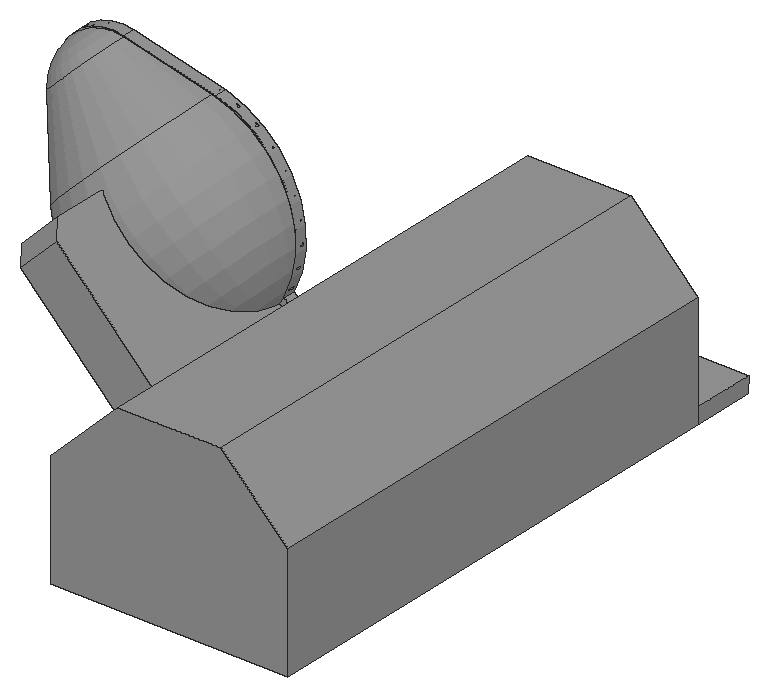
Revit family "Combination-Willoughby-ECW-1546-L-ON", category Plumbing Fixtures, Revit 2015
Parameters (values of type "Standard")
  Waste DIA = 2 3/8"
  Waste Connection = yes
  Vent Connection = no
  URL = "https://www.willoughby-ind.com/wp-content/uploads/2017/05/1546.pdf"
  Revision = "A"
  Model = "ECW-1546-L-ON"
  Manufacturer = "Willoughby Industries"
  Lav Waste DIA = 1 1/2"
  Lav Waste Connection = yes
  HW Connection = no
  Flush Inlet DIA = 1 1/2"
  Flush Inlet Connection = yes
  Fixture Body = Stainless Steel AISI 304-Willoughby
  Description = "1546 Combination Unit, Wall toilet waste outlet, Left toilet, On Floor mounted"
  Default Elevation = 0' - 0"
  Contact = "(800) 428-4065"
  CW Connection = no
Reference planes (in)
  plane 1 "Center (Front/Back)": y = 0
  plane 2: z = 0
  plane 3 "Center (Left/Right)": x = 0
  plane 4: z = 11.5
  plane 5: z = 6.5
  plane 6: through (4.45954, 0, 8.54046) normal (0.7071, 0, -0.7071)
  plane 7: through (7.5, 0, 7.25) normal (0.7071, 0, -0.7071)
  plane 8: through (3.25, 0, 11.5) normal (0.7071, 0, -0.7071)
  plane 9: through (-5.375, 0, 9.375) normal (0.7071, 0, 0.7071)
  plane 10: through (-1.98484, -4.74976, 36.25732) normal (-0.7071, 0, 0.7071)
  plane 11: through (-10.31426, -4.74976, 34.82218) normal (-0.7071, 0, 0.7071)
  plane 12: through (-11.90141, -4.74976, 28.62085) normal (0.7071, 0, 0.7071)
  plane 13: through (-16.14405, -4.74976, 24.37821) normal (0.7071, 0, 0.7071)
  plane 14: through (13.78317, -4.99976, 3.06885) normal (0.7071, 0, 0.7071)
  plane 15: through (9.40795, -4.99976, -1.30637) normal (0.7071, 0, 0.7071)
  plane 16: z = -3
Forms (in)
  Extrusion 1, solid, material "Stainless Steel AISI 304-Willoughby" <- "Fixture Body"
    sketch origin (0, -8.4768, 8.4768) x (1, 0, 0) y (0, 0, 1)
      loop
        line (7.5, 7.25) -> (3.2486, 11.5) -> (-3.2486, 11.5) -> (-7.5, 7.25) -> (-7.5, 0) -> (7.5, 0) -> (7.5, 7.25)
    from 11.52344 to -20.97656
  Extrusion 2, solid, material "Stainless Steel AISI 304-Willoughby" <- "Fixture Body"
    sketch origin (0, -0.00024, 8.4768) x (0, 1, 0) y (0, 0, 1)
      loop
        line (12.5, 0) -> (16.5, 0) -> (16.5, 1.0625) -> (12.5, 1.0625) -> (12.5, 0)
    from 7.5 to -7.5
  Extrusion 3, void
    sketch origin (0, -8.4768, 8.4768) x (1, 0, 0) y (0, 0, 1)
      loop
        line (6.02576, 6.97424) -> (2.89332, 10.10668)
        arc (2.89332, 10.10668) -> (2.45766, 10.39778) -> (1.94376, 10.5) r 1.34289
        line (1.94376, 10.5) -> (0, 10.5) -> (-1.94376, 10.5)
        arc (-1.94376, 10.5) -> (-2.45766, 10.39778) -> (-2.89332, 10.10668) r 1.34289
        line (-2.89332, 10.10668) -> (-6.02576, 6.97424)
        arc (-6.02576, 6.97424) -> (-6.41304, 6.18891) -> (-6.24222, 5.33011) r 1.36204
        line (-6.24222, 5.33011) -> (-4.64434, 2.5625)
        arc (-4.64434, 2.5625) -> (-4.46132, 2.37949) -> (-4.21132, 2.3125) r 0.5
        line (-4.21132, 2.3125) -> (0, 2.3125) -> (4.21132, 2.3125)
        arc (4.21132, 2.3125) -> (4.46132, 2.37949) -> (4.64434, 2.5625) r 0.5
        line (4.64434, 2.5625) -> (6.24222, 5.33011)
        arc (6.24222, 5.33011) -> (6.41304, 6.18891) -> (6.02576, 6.97424) r 1.36204
    from -14.97656 to -20.97656
  Revolve 4, solid, material "Stainless Steel AISI 304-Willoughby" <- "Fixture Body"
    sketch origin (0, 4.25024, -3.5232) x (0, 0, -1) y (-1, 0, 0)
      loop
        line (-12, 0) -> (-14, 0) -> (-14, -0.75) -> (-8.9833, -0.75) -> (-8.9833, 0) -> (-12, 0)
      axis (-14, 0) -> (-8.9833, 0)
    angle from 0 to 360
  Revolve 5, solid, material "Stainless Steel AISI 304-Willoughby" <- "Fixture Body"
    sketch origin (2, -8.49976, 0.14604) x (0, 0, -1) y (-1, 0, 0)
      loop
        line (-10.39326, 1) -> (-5.31406, 1) -> (-5.31406, 2.1875) -> (-10.39326, 2.1875) -> (-10.39326, 1)
      axis (-10.39326, 1) -> (-5.31406, 1)
    angle from 0 to 360
  Revolve 6, solid, material "Stainless Steel AISI 304-Willoughby" <- "Fixture Body"
    sketch origin (0, 0.50024, 0.14604) x (0, 0, -1) y (-1, 0, 0)
      loop
        line (-8.31827, 4.875) -> (-8.31827, 5.625) -> (-9.83076, 5.625) -> (-9.83076, 4.875) -> (-8.31827, 4.875)
      axis (-9.83076, 4.875) -> (-8.31827, 4.875)
    angle from 0 to 360
  Revolve 7, solid, material "Stainless Steel AISI 304-Willoughby" <- "Fixture Body"
    sketch origin (-1.38601, -5.24976, 13.86281) x (0.707107, 0, -0.707107) y (-0.707107, 0, -0.707107)
      loop
        arc (-16.25875, -6.02566) -> (-9.22764, -6.08019) -> (-5.69625, 0) r 7
        line (-5.69625, 0) -> (-6.19625, 0)
        arc (-6.19625, 0) -> (-9.4731, -5.64458) -> (-15.99973, -5.59794) r 6.5
        line (-15.99973, -5.59794) -> (-20.8721, -2.57392)
        arc (-20.8721, -2.57392) -> (-21.91777, -1.47245) -> (-22.28998, 0) r 3
        line (-22.28998, 0) -> (-22.79, 0)
        arc (-22.79, 0) -> (-22.35472, -1.71553) -> (-21.13577, -2.99875) r 3.5
        line (-21.13577, -2.99875) -> (-16.25875, -6.02566)
      axis (-22.79, 0) -> (-5.69625, 0)
    angle from 0 to 180
  Extrusion 8, solid, material "Stainless Steel AISI 304-Willoughby" <- "Fixture Body"
    sketch origin (-2.24111, -5.24976, 14.7621) x (0.707107, 0, -0.707107) y (-0.707107, 0, -0.707107)
      loop
        arc (-14.85012, -6.10241) -> (-8.87255, -6.49811) -> (-4.77778, -2.12538) r 7.00022
        line (-4.77778, -2.12538) -> (-4.40025, -2.12538) -> (-4.40025, 2.09434) -> (-4.77778, 2.09434)
        arc (-4.77778, 2.09434) -> (-8.94188, 6.49109) -> (-14.97669, 5.98899) r 6.99312
        line (-14.97669, 5.98899) -> (-19.95489, 2.93304)
        arc (-19.95489, 2.93304) -> (-21.54976, -0.01515) -> (-19.95489, -2.96334) r 3.52237
        line (-19.95489, -2.96334) -> (-14.85012, -6.10241)
      loop
        line (-18.88925, -1.64567) -> (-13.59453, -3.90264)
        arc (-13.59453, -3.90264) -> (-6.69619, -0.01515) -> (-13.59453, 3.87234) r 4.54455
        line (-13.59453, 3.87234) -> (-18.88925, 1.61536)
        arc (-18.88925, 1.61536) -> (-19.76943, -0.01515) -> (-18.88925, -1.64567) r 1.95034
    from 0.25 to -0.5
  Extrusion 9, solid, material "Stainless Steel AISI 304-Willoughby" <- "Fixture Body"
    sketch origin (-4.34571, -4.99976, 16.82251) x (0, 1, 0) y (-0.707107, 0, 0.707107)
      loop
        line (-6.74564, 11.11058) -> (-9.99564, 11.11058) -> (-11, 10.10622) -> (-11, 1.45465) -> (-0.75, 1.45465) -> (-0.75, 1.86803)
        arc (-0.75, 1.86803) -> (-5.87123, 5.08059) -> (-6.30349, 11.11058) r 6.68108
        line (-6.30349, 11.11058) -> (-6.74564, 11.11058)
    from 1.625 to -1.625
Cuts and joins
  Extrusion 3 cuts Extrusion 1
Lines and regions (in)
  symbolic lines
    curve 1: line (-7.49124, 0, 0) -> (7.5, 0, 0)
    curve 2: line (7.5, 0, 0) -> (7.5, 0, 7.25)
    curve 3: line (7.5, 0, 7.25) -> (3.25, 0, 11.5)
    curve 4: line (3.25, 0, 11.5) -> (-3.2486, 0, 11.5)
    curve 5: line (-3.2486, 0, 11.5) -> (-7.49124, 0, 7.25736)
    curve 6: line (-7.49124, 0, 7.25736) -> (-7.49124, 0, 0)
    curve 20: line (0, -20, 0) -> (0, 16.5, 0)
    curve 21: line (0, 16.5, 0) -> (0, 16.5, 1.0625)
    curve 22: line (0, 16.5, 1.0625) -> (0, 12.5, 1.0625)
    curve 23: line (0, 12.5, 1.0625) -> (0, 12.5, 11.5)
    curve 24: line (0, 12.5, 11.5) -> (0, -20, 11.5)
    curve 25: line (0, -20, 11.5) -> (0, -20, 0)
    curve 31: line (0, -5, 7.25771) -> (0, -5, 23.58416)
    curve 32: line (0, -5, 23.58416) -> (0, -5.75, 23.58416)
    curve 33: arc (0, -5.75, 23.58416) -> (0, -6.81571, 23.1977) -> (0, -7.75476, 22.56268) r 4.60665
    curve 34: line (0, -7.75476, 22.56268) -> (0, -10.26539, 20.26576)
    curve 35: arc (0, -10.26539, 20.26576) -> (0, -10.99297, 19.37463) -> (0, -11.58239, 18.38667) r 7.84413
    curve 36: line (0, -11.58239, 18.38667) -> (0, -14.98414, 18.38667)
    curve 37: line (0, -14.98414, 18.38667) -> (0, -16.00476, 17.66498)
    curve 38: line (0, -16.00476, 17.66498) -> (0, -16.00476, 8.22244)
    curve 39: line (0, -16.00476, 8.22244) -> (0, -5.75, 8.22244)
    curve 40: line (0, -5.75, 8.42721) -> (0, -5.75, 7.25771)
    curve 41: arc (0, -5.75, 8.42721) -> (0, -8.77311, 9.33662) -> (0, -11.07223, 11.5) r 6.88294
    curve 42: arc (0, -11.07223, 11.5) -> (0, -11.63075, 12.53978) -> (0, -11.99073, 13.66384) r 6.45891
    curve 43: arc (0, -11.99073, 13.66384) -> (0, -12.00835, 14.9214) -> (0, -11.52456, 16.08232) r 3.09771
    curve 44: arc (0, -11.52456, 16.08232) -> (0, -11.7493, 17.23137) -> (0, -11.52456, 18.38042) r 3.04986
    curve 45: line (0, -11.52456, 16.08232) -> (0, -14.99564, 16.08232)
    curve 46: line (0, -14.99564, 16.08232) -> (0, -16.00476, 15.36876)
  symbolic lines, detail levels medium+fine
    curve 7: line (-7.49124, 0, 1.0625) -> (7.5, 0, 1.0625)
  symbolic lines, detail levels fine
    curve 8: line (4.21132, 0, 2.3125) -> (-4.21132, 0, 2.3125)
    curve 9: line (-4.64434, 0, 2.5625) -> (-6.24222, 0, 5.33011)
    curve 10: line (-6.02576, 0, 6.97424) -> (-2.89332, 0, 10.10668)
    curve 11: line (-1.94376, 0, 10.5) -> (1.94376, 0, 10.5)
    curve 12: line (2.89332, 0, 10.10668) -> (6.02576, 0, 6.97424)
    curve 13: line (6.24222, 0, 5.33011) -> (4.64434, 0, 2.5625)
    curve 14: arc (4.64434, 0, 2.5625) -> (4.46132, 0, 2.37949) -> (4.21132, 0, 2.3125) r 0.5
    curve 15: arc (-4.21132, 0, 2.3125) -> (-4.46132, 0, 2.37949) -> (-4.64434, 0, 2.5625) r 0.5
    curve 16: arc (-6.24222, 0, 5.33011) -> (-6.41304, 0, 6.18891) -> (-6.02576, 0, 6.97424) r 1.36204
    curve 17: arc (-2.89332, 0, 10.10668) -> (-2.45766, 0, 10.39778) -> (-1.94376, 0, 10.5) r 1.34289
    curve 18: arc (1.94376, 0, 10.5) -> (2.45766, 0, 10.39778) -> (2.89332, 0, 10.10668) r 1.34289
    curve 19: arc (6.02576, 0, 6.97424) -> (6.41304, 0, 6.18891) -> (6.24222, 0, 5.33011) r 1.36204
    curve 26: line (-15.47408, 0, 21.82417) -> (-10.13422, 0, 19.67616)
    curve 27: arc (-10.13422, 0, 19.67616) -> (-8.00523, 0, 12.04942) -> (-15.63196, 0, 14.17842) r 4.54455
    curve 28: line (-15.63196, 0, 14.17842) -> (-17.77997, 0, 19.51827)
    curve 29: arc (-17.77997, 0, 19.51827) -> (-17.73898, 0, 20.47297) -> (-17.2494, 0, 21.2936) r 1.95034
    curve 30: arc (-17.2494, 0, 21.2936) -> (-16.42877, 0, 21.78317) -> (-15.47408, 0, 21.82417) r 1.95034
Dimensions and locks (in)
  level to plane 4 = 0' - 11 1/2"
  level to plane 5 = 0' - 6 1/2"
  plane 4 to level = 0' - 11 1/2"
  plane 12 to plane 13 = 0' - 6"
  aligned and locked: cut or joined group of Extrusion 1, Extrusion 3 to Extrusion 2  (x2)
  aligned and locked: Extrusion 8 to Extrusion 9
  aligned and locked: Extrusion 1 to Extrusion 3
Connectors (in)
  piping at (0, 4.25024, 5.4601), diameter 1.5, driven by "Lav Waste DIA", driven by "Lav Waste Connection"
    settings: on Revolve 4, index 1, connector inside diameter 24", connector length 0' - 0", flow factor 0, pipe flow 0 GPM, pressure drop 0.00 psi, fitting loss kfactor 0, connector angle 0.00°, fixture units 0, engagement length 0' - 0", angle of deflection 0.00°, flow configuration 0, flow direction 2, fitting loss method 0, system type 16, joint type 0, gender type 0, connector reference index -1, connector utility 1, adjustable connector no, is connector primary yes, connector description "Sink Waste"
  piping at (-4.875, 0.50024, 8.46431), diameter 1.5, driven by "Flush Inlet DIA", driven by "Flush Inlet Connection"
    settings: on Revolve 6, index 2, connector inside diameter 24", connector length 0' - 0", flow factor 0, pipe flow 0 GPM, pressure drop 0.00 psi, fitting loss kfactor 0, connector angle 0.00°, fixture units 0, engagement length 0' - 0", angle of deflection 0.00°, flow configuration 0, flow direction 1, fitting loss method 0, system type 20, joint type 0, gender type 0, connector reference index -1, connector utility 1, adjustable connector no, is connector primary no, connector description "Flush Inlet"
  piping at (1, -8.49976, 5.4601), diameter 2.375, driven by "Waste Connection", driven by "Waste DIA"
    settings: on Revolve 5, index 3, connector inside diameter 24", connector length 0' - 0", flow factor 0, pipe flow 0 GPM, pressure drop 0.00 psi, fitting loss kfactor 0, connector angle 0.00°, fixture units 0, engagement length 0' - 0", angle of deflection 0.00°, flow configuration 0, flow direction 2, fitting loss method 0, system type 16, joint type 0, gender type 0, connector reference index -1, connector utility 1, adjustable connector no, is connector primary no, connector description "Toilet Waste"
